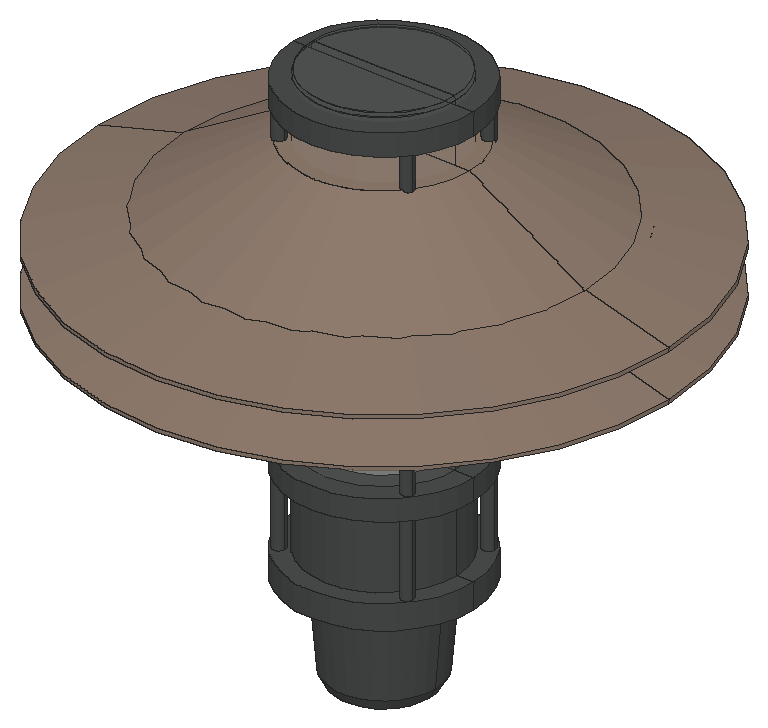
Revit family "SP2", category Lighting Fixtures, host Face, Revit 2021
Family settings
  Host = Face
  Round Connector Dimension = Use Diameter
  Part Type = Normal
  OmniClass Number = 23.80.70.14
  OmniClass Title = Luminaries for External Lighting
  Cut with Voids When Loaded = No
  Light Source = Yes
  Shared = No
  Room Calculation Point = No
Parameters
  Wattage Comments = "21"  # constant formula
  Wattage = 21 W
  Watt [instance] = 21 W
  built-in parameter 1150110 = 1 (stored number, unit not read)
  Voltage = 120 V
  URL = "https://www.currentlighting.com/aal"
  built-in parameter 1114217 = 1 (stored number, unit not read)
  Tilt Angle = 0.00°
  built-in parameter 1150109 = 1 (stored number, unit not read)
  built-in parameter 1150134 = 3
  built-in parameter 1150113 = 1 (stored number, unit not read)
  Straight Hood [instance] = yes
  Product Page URL = ""
  Product Documentation Link = ""
  Photometric Web File = "SP2-ANG-GLA-9LED-BW.IES"
  Outter Dia = 23.50"
  Model = "SP2"  # constant formula
  Manufacturer = "Architectural Area Lighting"  # constant formula
  built-in parameter 1150105 = 88.57 (stored number, unit not read)
  Lumens = 1113 lm
  built-in parameter 1150115 = 1 (stored number, unit not read)
  Load Classification = Lighting
  built-in parameter 1150137 = (empty or 0)
  built-in parameter 1150139 = (empty or 0)
  Lens = Glass -  White
  built-in parameter 1150112 = 1 (stored number, unit not read)
  built-in parameter 1150114 = 1 (stored number, unit not read)
  Lamp = "LED Lamp"  # constant formula
  Inner Dia = 16.00"
  built-in parameter 1150132 = (empty or 0)
  built-in parameter 1150102 = (empty or 0)
  built-in parameter 1150107 = 3200 (stored number, unit not read)
  built-in parameter 1150138 = (empty or 0)
  built-in parameter 1150106 = 0.8857 (stored number, unit not read)
  Hood = Aluminum-Metalic Bronze
  Height = 23.30"
  Glass = Glass-Frosted
  Flared Hood [instance] = yes
  Finish = Aluminum-Matte Black
  Features = "Four hood styles and four lens elements to configure a\r\nlook of harmony with your architecture\r\n• Symmetric or asymmetric distribution\r\n• Post-top, wall mount arm, or pole mount arm options\r\n• Adaptable appearance is perfect for contemporary or\r\ntraditional installations\r\n• Stainless steel struts\r\n• Powder coat finish in 13 standard colors with a polymer\r\nprimer sealer "  # constant formula
  Emit from Circle Diameter = 7.00"
  Emit Shape Visible in Rendering = no
  built-in parameter 1150104 = 4.9239 (stored number, unit not read)
  Double [instance] = yes
  Dimming Lamp Color Temperature Shift = <None>
  Description = "Spectra is designed to enhance contemporary environments during the day while producing comfortable illumination at night. 4 configurable styles of aluminum, natural brushed copper and or stainless steel hoods enable Spectra to carry the lighting designer's vision into a reality. Choice of diffused or indirect sources are capable of producing symmetric or asymmetric distributions. The Spectra family also includes a bollard and large scale luminaire."  # constant formula
  Default Elevation = 48.00"
  Contact us = ""
  Color Filter = 16777215
  built-in parameter 1114218 = 1 (stored number, unit not read)
  built-in parameter 1150133 = 10 (stored number, unit not read)
  Apparent Load = 0 VA
  Angled Hood [instance] = yes
Reference planes (in)
  plane 1 "Center (Front/Back)": y = 0
  plane 2: z = 0
  plane 3 "Center (Left/Right)": x = 0
  plane 4: x = -8
  plane 5: x = 8
  plane 6: x = 11.75
  plane 7: x = -11.75
  plane 8: z = 23.3
  plane 9: x = -3.75
  plane 10: x = 3.75
Forms (in)
  Revolve 1, solid, material "Glass-Frosted" <- "Glass"
    sketch origin (0, 0, 0) x (1, 0, 0) y (0, 0, 1)
      loop
        line (2.97855, 8.78791) -> (2.97855, 15.91291) -> (2.97855, 22.44322) -> (2.92603, 22.58753) -> (0, 22.58753) -> (0, 8.78791) -> (2.97855, 8.78791)
      axis (0, 22.58753) -> (0, 8.78791)
    angle from 0 to 360
  Revolve 2, solid, material "Aluminum-Metalic Bronze" <- "Hood", visible <- "Angled Hood"
    sketch origin (0, 0, 0) x (1, 0, 0) y (0, 0, 1)
      loop
        line (8.65, 15.8) -> (8.75, 15.8) -> (8.75, 17.05) -> (3.55385, 20.05) -> (0, 20.05) -> (0, 19.95) -> (3.52705, 19.95) -> (8.65, 16.99226) -> (8.65, 15.8)
      axis (0, 20.05) -> (0, 15.8)
    angle from 0 to 360
  Revolve 3, solid, material "Aluminum-Matte Black" <- "Finish"
    sketch origin (0, 0, 0) x (1, 0, 0) y (0, 0, 1)
      loop
        line (0, 3.91291) -> (3.72855, 3.91291) -> (3.72855, 4.91291) -> (0, 4.91291) -> (0, 3.91291)
      loop
        line (0, 7.91291) -> (3.72855, 7.91291) -> (3.72855, 8.78791) -> (0, 8.78791) -> (0, 7.91291)
      loop
        line (0, 21.41291) -> (3.72855, 21.41291) -> (3.72855, 22.28791) -> (0, 22.28791) -> (0, 21.41291)
      axis (0, 22.28791) -> (0, 3.91291)
    angle from 0 to 360
  Extrusion 4, solid, material "Aluminum-Matte Black" <- "Finish"
    sketch origin (-60, -180, 31.17106) x (-1, 0, 0) y (0, -1, 0)
      loop
        circle (-57.35419, -182.1008) r 0.25
      loop
        circle (-62.64581, -182.1008) r 0.25
      loop
        circle (-57.35419, -177.8992) r 0.25
      loop
        circle (-62.64581, -177.8992) r 0.25
    from -26.25814 to -9.75814
  Revolve 5, solid, material "Aluminum-Matte Black" <- "Finish"
    sketch origin (0, 0, 0) x (1, 0, 0) y (0, 0, 1)
      loop
        line (0, 0) -> (1.90065, 0) -> (2.15065, 0.43301) -> (2.43391, 3.67065) -> (2.19164, 3.91291) -> (0, 3.91291) -> (0, 0)
      loop
        line (0, 4.91291) -> (3, 4.91291) -> (3, 7.91291) -> (0, 7.91291) -> (0, 4.91291)
      axis (0, 7.91291) -> (0, 0)
    angle from 0 to 360
  Revolve 6, solid, material "Aluminum-Metalic Bronze" <- "Hood", visible <- "Flared Hood"
    sketch origin (0, 0, 0) x (1, 0, 0) y (0, 0, 1)
      loop
        line (0, 19.95) -> (0, 19.7) -> (3.52623, 19.7)
        arc (3.52623, 19.7) -> (7.10429, 17.4837) -> (11.01835, 15.93624) r 23.66675
        line (11.01835, 15.93624) -> (10.71785, 16.23674)
        arc (10.71785, 16.23674) -> (6.96117, 17.78105) -> (3.52705, 19.95) r 23.46675
        line (3.52705, 19.95) -> (0, 19.95)
      axis (0, 19.95) -> (0, 15.93624)
    angle from 0 to 360
  Revolve 7, solid, material "Aluminum-Metalic Bronze" <- "Hood", visible <- "Straight Hood"
    sketch origin (0, 0, 0) x (1, 0, 0) y (0, 0, 1)
      loop
        line (0, 18.8) -> (0, 18.63372) -> (2.81519, 18.63372) -> (11.75, 16.23964) -> (11.75, 16.38846) -> (2.75, 18.8) -> (0, 18.8)
      axis (0, 18.8) -> (0, 16.23964)
    angle from 0 to 360
  Revolve 8, solid, material "Aluminum-Metalic Bronze" <- "Hood", visible <- "Double"
    sketch origin (0, 0, 0) x (1, 0, 0) y (0, 0, 1)
      loop
        line (0.02198, 18.8) -> (0.02198, 18.68156) -> (2.49073, 18.68156) -> (8.75, 16.92897) -> (8.75, 17.05) -> (2.5, 18.8) -> (0.02198, 18.8)
      loop
        line (0.00636, 17.05) -> (0.00636, 16.93156) -> (2.49073, 16.93156) -> (11.75, 14.33897) -> (11.75, 14.46) -> (2.5, 17.05) -> (0.00636, 17.05)
      axis (0, 18.8) -> (0, 14.33897)
    angle from 0 to 360
  Revolve 9, solid, material "Glass -  White" <- "Lens"
    sketch origin (0, 0, 0) x (1, 0, 0) y (0, 0, 1)
      loop
        line (0, 8.78791) -> (2.25, 8.78791) -> (2.17698, 9.20205)
        arc (2.17698, 9.20205) -> (2.12828, 9.3574) -> (2.12091, 9.52003) r 0.63158
        line (2.12091, 9.52003) -> (2.09132, 9.68784)
        arc (2.09132, 9.68784) -> (2.21794, 10.06284) -> (2.09132, 10.43784) r 0.61861
        arc (2.09132, 10.43784) -> (2.21794, 10.81284) -> (2.09132, 11.18784) r 0.61861
        arc (2.09132, 11.18784) -> (2.21794, 11.56284) -> (2.09132, 11.93784) r 0.61861
        arc (2.09132, 11.93784) -> (2.21794, 12.31284) -> (2.09132, 12.68784) r 0.61861
        arc (2.09132, 12.68784) -> (2.21794, 13.06284) -> (2.09132, 13.43784) r 0.61861
        arc (2.09132, 13.43784) -> (2.21794, 13.81284) -> (2.09132, 14.18784) r 0.61861
        arc (2.09132, 14.18784) -> (2.21794, 14.56284) -> (2.09132, 14.93784) r 0.61861
        arc (2.09132, 14.93784) -> (2.21794, 15.31284) -> (2.09132, 15.68784) r 0.61861
        line (2.09132, 15.68784) -> (0, 15.68784) -> (0, 8.78791)
      axis (0, 15.68784) -> (0, 8.78791)
    angle from 0 to 360
Dimensions and locks (in)
  "Outter Dia": plane 6 to plane 7
  "Inner Dia": plane 5 to plane 4
  "Height": plane 8 to plane 2
  plane 10 to plane 9 = 7.50"
  aligned and locked: plane 2 to host face
  aligned and locked: level to host face
Automatic sketch dimensions
  host sketch curve to host sketch curve = 96.00"
  host sketch curve to host sketch curve = 95.95855"
  Revolve 2 sketch curve to plane 3 "Center (Left/Right)" = 0.00"  (x2)
  Revolve 2 sketch curve to Revolve 2 sketch curve = 3.52705"
  Revolve 2 sketch curve to Revolve 2 sketch curve = 0.02679"
  plane 5 to Revolve 2 sketch curve = 0.75"
  Revolve 2 sketch curve to plane 8 = 7.50"
  Revolve 2 sketch curve to Revolve 2 sketch curve = 1.25"
  Revolve 2 sketch curve to plane 8 = 3.35"
  Revolve 2 sketch curve to Revolve 2 sketch curve = 0.10"  (x2)
  Revolve 2 sketch curve to level = 23.73963"
  Revolve 2 sketch curve to Revolve 2 sketch curve = 0.05774"
  plane 8 to Revolve 2 sketch curve = 47.92235"
  Revolve 3 sketch curve to plane 3 "Center (Left/Right)" = 0.00"  (x4)
  Revolve 3 sketch curve to plane 5 = 4.27145"  (x3)
  level to Revolve 3 sketch curve = 3.91291"
  Revolve 3 sketch curve to Revolve 3 sketch curve = 1.00"
  Revolve 3 sketch curve to Revolve 3 sketch curve = 3.00"
  Revolve 3 sketch curve to Revolve 3 sketch curve = 0.875"  (x2)
  Revolve 3 sketch curve to plane 8 = 1.88709"
  Revolve 3 sketch curve to level = 23.73963"
  plane 8 to Revolve 3 sketch curve = 47.92235"
  Revolve 1 sketch curve to plane 3 "Center (Left/Right)" = 0.00"  (x2)
  Revolve 1 sketch curve to plane 8 = 0.71247"
  plane 3 "Center (Left/Right)" to Revolve 1 sketch curve = 2.92603"
  plane 3 "Center (Left/Right)" to Revolve 1 sketch curve = 2.97855"
  Revolve 1 sketch curve to Revolve 1 sketch curve = 0.14431"
  Revolve 1 sketch curve to Revolve 1 sketch curve = 6.5303"
  Revolve 1 sketch curve to Revolve 1 sketch curve = 7.125"
  Revolve 1 sketch curve to level = 23.73963"
  plane 8 to Revolve 1 sketch curve = 47.92235"
  Revolve 5 sketch curve to plane 3 "Center (Left/Right)" = 0.00"  (x3)
  Revolve 5 sketch curve to level = 0.00"
  plane 3 "Center (Left/Right)" to Revolve 5 sketch curve = 1.90065"
  level to Revolve 5 sketch curve = 0.43301"
  Revolve 5 sketch curve to Revolve 5 sketch curve = 0.25"
  plane 3 "Center (Left/Right)" to Revolve 5 sketch curve = 2.19164"
  Revolve 5 sketch curve to Revolve 5 sketch curve = 0.24227"  (x2)
  plane 3 "Center (Left/Right)" to Revolve 5 sketch curve = 3.00"
  Revolve 5 sketch curve to Revolve 5 sketch curve = 3.23763"
  Revolve 5 sketch curve to Revolve 5 sketch curve = 4.00"
  Revolve 5 sketch curve to level = 23.73963"
  Revolve 5 sketch curve to Revolve 5 sketch curve = 1.00"
  plane 8 to Revolve 5 sketch curve = 47.92235"
  Extrusion 4 sketch curve to plane 10 = 1.10419"  (x2)
  plane 9 to Extrusion 4 sketch curve = 1.10419"  (x2)
  Extrusion 4 sketch curve to plane 1 "Center (Front/Back)" = 2.1008"  (x2)
  plane 1 "Center (Front/Back)" to Extrusion 4 sketch curve = 2.1008"  (x2)
  Revolve 6 sketch curve to Revolve 6 sketch curve = 0.00"  (x2)
  Revolve 6 sketch curve to plane 3 "Center (Left/Right)" = 0.00"  (x2)
  Revolve 6 sketch curve to plane 10 = 0.22377"
  Revolve 6 sketch curve to plane 10 = 0.22295"
  Revolve 6 sketch curve to plane 6 = 1.03215"
  Revolve 6 sketch curve to plane 6 = 0.73165"
  plane 6 to Revolve 6 sketch curve = 5.97833"
  Revolve 6 sketch curve to plane 8 = 7.36376"
  Revolve 6 sketch curve to Revolve 6 sketch curve = 0.3005"
  Revolve 6 sketch curve to Revolve 6 sketch curve = 3.46326"
  Revolve 6 sketch curve to level = 23.73963"
  Revolve 6 sketch curve to Revolve 6 sketch curve = 32.59048"
  Revolve 7 sketch curve to plane 3 "Center (Left/Right)" = 0.00"  (x2)
  Revolve 7 sketch curve to plane 6 = 0.00"
  Revolve 7 sketch curve to plane 10 = 1.00"
  Revolve 7 sketch curve to Revolve 7 sketch curve = 0.06519"
  Revolve 7 sketch curve to plane 8 = 7.06036"
  Revolve 7 sketch curve to Revolve 7 sketch curve = 0.14881"
  Revolve 7 sketch curve to plane 8 = 4.66628"
  Revolve 7 sketch curve to Revolve 7 sketch curve = 0.16628"
  Revolve 7 sketch curve to level = 23.73963"
  plane 8 to Revolve 7 sketch curve = 47.92235"
  plane 3 "Center (Left/Right)" to Revolve 8 sketch curve = 0.02198"
  plane 3 "Center (Left/Right)" to Revolve 8 sketch curve = 0.00636"
  Revolve 8 sketch curve to plane 10 = 1.25927"  (x2)
  Revolve 8 sketch curve to Revolve 8 sketch curve = 0.00927"  (x2)
  plane 5 to Revolve 8 sketch curve = 3.75"
  plane 5 to Revolve 8 sketch curve = 0.75"
  Revolve 8 sketch curve to plane 8 = 8.96103"
  Revolve 8 sketch curve to Revolve 8 sketch curve = 0.12103"  (x2)
  Revolve 8 sketch curve to Revolve 8 sketch curve = 2.46897"
  Revolve 8 sketch curve to plane 8 = 6.36844"
  Revolve 8 sketch curve to Revolve 8 sketch curve = 0.11844"  (x2)
  Revolve 8 sketch curve to Revolve 8 sketch curve = 1.63156"
  Revolve 9 sketch curve to plane 3 "Center (Left/Right)" = 0.00"
  plane 3 "Center (Left/Right)" to Revolve 9 sketch curve = 1.59933"  (x2)
  Revolve 9 sketch curve to Revolve 9 sketch curve = 0.00"  (x6)
  Revolve 9 sketch curve to Revolve 9 sketch curve = 0.49199"  (x8)
  Revolve 9 sketch curve to Revolve 9 sketch curve = 0.02959"
  Revolve 9 sketch curve to Revolve 9 sketch curve = 0.05607"
  Revolve 9 sketch curve to Revolve 9 sketch curve = 0.07302"
  Revolve 9 sketch curve to Revolve 9 sketch curve = 0.62935"
  level to Revolve 9 sketch curve = 8.78791"
  Revolve 9 sketch curve to Revolve 9 sketch curve = 0.41413"
  Revolve 9 sketch curve to Revolve 9 sketch curve = 0.26502"
  Revolve 9 sketch curve to Revolve 9 sketch curve = 0.16781"
  Revolve 9 sketch curve to Revolve 9 sketch curve = 0.375"  (x2)
  Revolve 9 sketch curve to Revolve 9 sketch curve = 0.75"  (x7)
  plane 3 "Center (Left/Right)" to Revolve 9 sketch curve = 0.00"
  Revolve 9 sketch curve to level = 23.73963"
  plane 8 to Revolve 9 sketch curve = 47.92235"
  radius of Extrusion 4 sketch curve = 0.25"  (x4)
Connectors (in)
  electrical at (0, 0, 22.28791), driven by "Voltage", driven by "Apparent Load"
    settings: on Revolve 3, index 1, voltage 120 V, apparent load 0 VA, apparent load phase1 0 VA, apparent load phase2 0 VA, apparent load phase3 0 VA, power factor 0.9, load classification "Other", number of poles 1, system type 30, power factor state 1, is connector primary yes, connector utility no, sub classification motor no, connector description "Electrical Connector"
